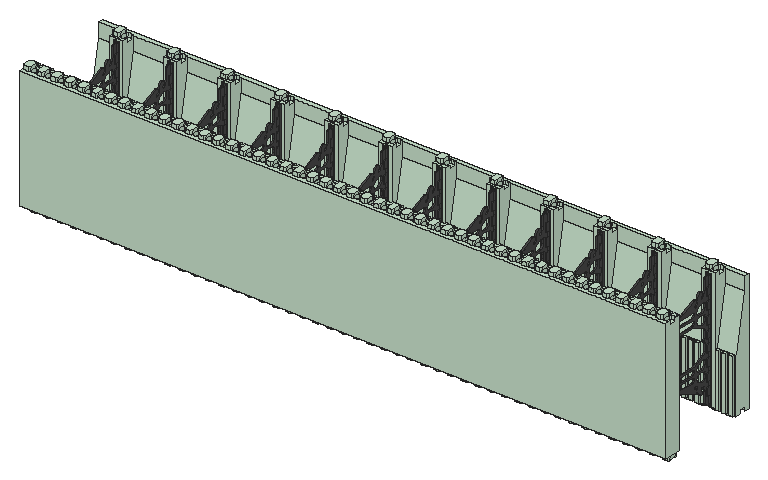
Revit family (continued)
Definition of nested family "10-inch Insert Web"
  Forms (in)
    Extrusion 2, solid, material "High Density Polystyrene"
      sketch origin (0, 0, 0) x (0, 1, 0) y (0, 0, 1)
        loop
          arc (2.8, 12.08365) -> (2.87812, 11.81529) -> (3.08806, 11.63079) r 0.5
        loop
          line (4.5, 13.51627) -> (4.5, 14.04299)
          arc (4.5, 14.04299) -> (4.32627, 14.35941) -> (3.96605, 14.38264) r 0.375
          line (3.96605, 14.38264) -> (3.08806, 13.97174)
          arc (3.08806, 13.97174) -> (2.87812, 13.78724) -> (2.8, 13.51888) r 0.5
          line (2.8, 13.51888) -> (2.8, 13.39127)
          arc (2.8, 13.39127) -> (2.94645, 13.03771) -> (3.3, 12.89127) r 0.5
          line (3.3, 12.89127) -> (3.875, 12.89127)
          arc (3.875, 12.89127) -> (4.31694, 13.07433) -> (4.5, 13.51627) r 0.625
        loop
          line (4.21194, 10.90608) -> (2.95372, 11.49492)
          arc (2.95372, 11.49492) -> (2.48851, 11.65338) -> (2, 11.70705) r 2.25
          line (2, 11.70705) -> (0, 11.70705) -> (-2, 11.70705)
          arc (-2, 11.70705) -> (-2.48851, 11.65338) -> (-2.95372, 11.49492) r 2.25
          line (-2.95372, 11.49492) -> (-4.21194, 10.90608)
          arc (-4.21194, 10.90608) -> (-4.42188, 10.72158) -> (-4.5, 10.45322) r 0.5
          line (-4.5, 10.45322) -> (-4.5, 9.31235) -> (-4.38, 9.11235) -> (-4.38, 9) -> (-4.38, 8.88765) -> (-4.5, 8.68765) -> (-4.5, 7.54678)
          arc (-4.5, 7.54678) -> (-4.42188, 7.27842) -> (-4.21194, 7.09392) r 0.5
          line (-4.21194, 7.09392) -> (-2.95372, 6.50508)
          arc (-2.95372, 6.50508) -> (-2.48851, 6.34662) -> (-2, 6.29295) r 2.25
          line (-2, 6.29295) -> (0, 6.29295) -> (2, 6.29295)
          arc (2, 6.29295) -> (2.48851, 6.34662) -> (2.95372, 6.50508) r 2.25
          line (2.95372, 6.50508) -> (4.21194, 7.09392)
          arc (4.21194, 7.09392) -> (4.42188, 7.27842) -> (4.5, 7.54678) r 0.5
          line (4.5, 7.54678) -> (4.5, 8.68765) -> (4.38, 8.88765) -> (4.38, 9) -> (4.38, 9.11235) -> (4.5, 9.31235) -> (4.5, 10.45322)
          arc (4.5, 10.45322) -> (4.42188, 10.72158) -> (4.21194, 10.90608) r 0.5
        loop
          arc (-3.08806, 11.63079) -> (-2.87812, 11.81529) -> (-2.8, 12.08365) r 0.5
          line (-2.8, 12.08365) -> (-2.8, 12.21127)
          arc (-2.8, 12.21127) -> (-2.94645, 12.56482) -> (-3.3, 12.71127) r 0.5
          line (-3.3, 12.71127) -> (-3.875, 12.71127)
          arc (-3.875, 12.71127) -> (-4.31694, 12.52821) -> (-4.5, 12.08627) r 0.625
          line (-4.5, 12.08627) -> (-4.5, 11.55954)
          arc (-4.5, 11.55954) -> (-4.32627, 11.24313) -> (-3.96605, 11.21989) r 0.375
          line (-3.96605, 11.21989) -> (-3.08806, 11.63079)
        loop
          arc (-4.5, 13.51627) -> (-4.31694, 13.07433) -> (-3.875, 12.89127) r 0.625
          line (-3.875, 12.89127) -> (-3.3, 12.89127)
          arc (-3.3, 12.89127) -> (-2.94645, 13.03771) -> (-2.8, 13.39127) r 0.5
          line (-2.8, 13.39127) -> (-2.8, 13.51888)
          arc (-2.8, 13.51888) -> (-2.87812, 13.78724) -> (-3.08806, 13.97174) r 0.5
          line (-3.08806, 13.97174) -> (-3.96605, 14.38264)
          arc (-3.96605, 14.38264) -> (-4.32627, 14.35941) -> (-4.5, 14.04299) r 0.375
          line (-4.5, 14.04299) -> (-4.5, 13.51627)
        loop
          line (0, 4.29202) -> (2.02401, 4.29202)
          arc (2.02401, 4.29202) -> (2.16288, 4.28773) -> (2.30123, 4.27488) r 2.25
          arc (2.30123, 4.27488) -> (2.48146, 4.41365) -> (2.6, 4.60778) r 0.62421
          line (2.6, 4.60778) -> (2.6, 4.73373)
          arc (2.6, 4.73373) -> (2.45481, 4.96354) -> (2.225, 5.10873) r 0.61747
          line (2.225, 5.10873) -> (0, 5.10873) -> (-2.225, 5.10873)
          arc (-2.225, 5.10873) -> (-2.45481, 4.96354) -> (-2.6, 4.73373) r 0.61747
          line (-2.6, 4.73373) -> (-2.6, 4.60778)
          arc (-2.6, 4.60778) -> (-2.48146, 4.41365) -> (-2.30123, 4.27488) r 0.62421
          arc (-2.30123, 4.27488) -> (-2.16288, 4.28773) -> (-2.02401, 4.29202) r 2.25
          line (-2.02401, 4.29202) -> (0, 4.29202)
        loop
          line (0, 5.28873) -> (2.22579, 5.28873)
          arc (2.22579, 5.28873) -> (2.4551, 5.43394) -> (2.6, 5.66345) r 0.61747
          line (2.6, 5.66345) -> (2.6, 5.78945)
          arc (2.6, 5.78945) -> (2.48148, 5.98355) -> (2.3013, 6.12231) r 0.62421
          arc (2.3013, 6.12231) -> (2.16251, 6.10938) -> (2.02319, 6.10506) r 2.25
          line (2.02319, 6.10506) -> (0, 6.10506) -> (-2.02319, 6.10506)
          arc (-2.02319, 6.10506) -> (-2.16251, 6.10938) -> (-2.3013, 6.12231) r 2.25
          arc (-2.3013, 6.12231) -> (-2.48148, 5.98355) -> (-2.6, 5.78945) r 0.62421
          line (-2.6, 5.78945) -> (-2.6, 5.66345)
          arc (-2.6, 5.66345) -> (-2.4551, 5.43394) -> (-2.22579, 5.28873) r 0.61747
          line (-2.22579, 5.28873) -> (0, 5.28873)
        loop
          arc (3.08806, 6.36921) -> (2.87812, 6.18471) -> (2.8, 5.91635) r 0.5
          line (2.8, 5.91635) -> (2.8, 5.78873)
          arc (2.8, 5.78873) -> (2.94645, 5.43518) -> (3.3, 5.28873) r 0.5
          line (3.3, 5.28873) -> (3.875, 5.28873)
          arc (3.875, 5.28873) -> (4.31694, 5.47179) -> (4.5, 5.91373) r 0.625
          line (4.5, 5.91373) -> (4.5, 6.44046)
          arc (4.5, 6.44046) -> (4.32627, 6.75687) -> (3.96605, 6.78011) r 0.375
          line (3.96605, 6.78011) -> (3.08806, 6.36921)
        loop
          arc (4.5, 4.48373) -> (4.31694, 4.92567) -> (3.875, 5.10873) r 0.625
          line (3.875, 5.10873) -> (3.3, 5.10873)
          arc (3.3, 5.10873) -> (2.94645, 4.96229) -> (2.8, 4.60873) r 0.5
          line (2.8, 4.60873) -> (2.8, 4.48112)
          arc (2.8, 4.48112) -> (2.87812, 4.21276) -> (3.08806, 4.02826) r 0.5
          line (3.08806, 4.02826) -> (3.96605, 3.61736)
          arc (3.96605, 3.61736) -> (4.32627, 3.64059) -> (4.5, 3.95701) r 0.375
          line (4.5, 3.95701) -> (4.5, 4.48373)
        loop
          line (-3.08806, 6.36921) -> (-3.96605, 6.78011)
          arc (-3.96605, 6.78011) -> (-4.32627, 6.75687) -> (-4.5, 6.44046) r 0.375
          line (-4.5, 6.44046) -> (-4.5, 5.91373)
          arc (-4.5, 5.91373) -> (-4.31694, 5.47179) -> (-3.875, 5.28873) r 0.625
          line (-3.875, 5.28873) -> (-3.3, 5.28873)
          arc (-3.3, 5.28873) -> (-2.94645, 5.43518) -> (-2.8, 5.78873) r 0.5
          line (-2.8, 5.78873) -> (-2.8, 5.91635)
          arc (-2.8, 5.91635) -> (-2.87812, 6.18471) -> (-3.08806, 6.36921) r 0.5
        loop
          line (-4.5, 4.48373) -> (-4.5, 3.95701)
          arc (-4.5, 3.95701) -> (-4.32627, 3.64059) -> (-3.96605, 3.61736) r 0.375
          line (-3.96605, 3.61736) -> (-3.08806, 4.02826)
          arc (-3.08806, 4.02826) -> (-2.87812, 4.21276) -> (-2.8, 4.48112) r 0.5
          line (-2.8, 4.48112) -> (-2.8, 4.60873)
          arc (-2.8, 4.60873) -> (-2.94645, 4.96229) -> (-3.3, 5.10873) r 0.5
          line (-3.3, 5.10873) -> (-3.875, 5.10873)
          arc (-3.875, 5.10873) -> (-4.31694, 4.92567) -> (-4.5, 4.48373) r 0.625
      from 0.125 to -0.125
    Extrusion 3, solid, material "High Density Polystyrene"
      sketch origin (0, 0, 0) x (0, 1, 0) y (0, 0, 1)
        loop
          line (5.21, 16.17792) -> (4.71, 16.17792) -> (4.71, 14.97792) -> (5.21, 14.97792) -> (5.21, 16.17792)
        loop
          line (5.21, 14.22792) -> (4.71, 14.22792) -> (4.71, 13.02792) -> (5.21, 13.02792) -> (5.21, 14.22792)
        loop
          line (5.21, 12.27792) -> (4.71, 12.27792) -> (4.71, 11.07792) -> (5.21, 11.07792) -> (5.21, 12.27792)
        loop
          line (5.21, 10.32792) -> (4.71, 10.32792) -> (4.71, 9.24792) -> (5.21, 9.24792) -> (5.21, 10.32792)
        loop
          line (5.21, 8.49792) -> (4.71, 8.49792) -> (4.71, 7.41792) -> (5.21, 7.41792) -> (5.21, 8.49792)
        loop
          line (5.21, 6.66792) -> (4.71, 6.66792) -> (4.71, 5.46792) -> (5.21, 5.46792) -> (5.21, 6.66792)
        loop
          line (5.21, 4.71792) -> (4.71, 4.71792) -> (4.71, 3.51792) -> (5.21, 3.51792) -> (5.21, 4.71792)
        loop
          line (5.21, 2.76792) -> (4.71, 2.76792) -> (4.71, 1.56792) -> (5.21, 1.56792) -> (5.21, 2.76792)
        loop
          line (-5.21, 16.17792) -> (-5.21, 14.97792) -> (-4.71, 14.97792) -> (-4.71, 16.17792) -> (-5.21, 16.17792)
        loop
          line (-5.21, 14.22792) -> (-5.21, 13.02792) -> (-4.71, 13.02792) -> (-4.71, 14.22792) -> (-5.21, 14.22792)
        loop
          line (-5.21, 12.27792) -> (-5.21, 11.07792) -> (-4.71, 11.07792) -> (-4.71, 12.27792) -> (-5.21, 12.27792)
        loop
          line (-5.21, 10.32792) -> (-5.21, 9.24792) -> (-4.71, 9.24792) -> (-4.71, 10.32792) -> (-5.21, 10.32792)
        loop
          line (-5.21, 8.49792) -> (-5.21, 7.41792) -> (-4.71, 7.41792) -> (-4.71, 8.49792) -> (-5.21, 8.49792)
        loop
          line (-5.21, 6.66792) -> (-5.21, 5.46792) -> (-4.71, 5.46792) -> (-4.71, 6.66792) -> (-5.21, 6.66792)
        loop
          line (-5.21, 4.71792) -> (-5.21, 3.51792) -> (-4.71, 3.51792) -> (-4.71, 4.71792) -> (-5.21, 4.71792)
        loop
          line (-5.21, 2.76792) -> (-5.21, 1.56792) -> (-4.71, 1.56792) -> (-4.71, 2.76792) -> (-5.21, 2.76792)
      from 0.25 to -0.25
    Extrusion 4, void
      sketch origin (0, 2, 0) x (1, 0, 0) y (0, 1, 0)
        loop
          line (-0.25, 2.79249) -> (-0.25, 2.71) -> (-0.1675, 2.71)
          arc (-0.1675, 2.71) -> (-0.22584, 2.73416) -> (-0.25, 2.79249) r 0.0825
      from 0 to 18
    Extrusion 5, void
      sketch origin (0, 2, 0) x (-1, 0, 0) y (0, -1, 0)
        loop
          arc (-0.25, -2.79249) -> (-0.22584, -2.73416) -> (-0.1675, -2.71) r 0.0825
          line (-0.1675, -2.71) -> (-0.25, -2.71) -> (-0.25, -2.79249)
      from 0 to 18
    Extrusion 6, void
      sketch origin (0, -2, 0) x (1, 0, 0) y (0, 1, 0)
        loop
          arc (-0.25, -2.79249) -> (-0.22584, -2.73416) -> (-0.1675, -2.71) r 0.0825
          line (-0.1675, -2.71) -> (-0.25, -2.71) -> (-0.25, -2.79249)
      from 0 to 18
    Extrusion 7, void
      sketch origin (0, -2, 0) x (-1, 0, 0) y (0, -1, 0)
        loop
          line (-0.25, 2.79249) -> (-0.25, 2.71) -> (-0.1675, 2.71)
          arc (-0.1675, 2.71) -> (-0.22584, 2.73416) -> (-0.25, 2.79249) r 0.0825
      from 0 to 18
  Cuts and joins
    Extrusion 4, Extrusion 5, Extrusion 6, Extrusion 7 cuts Extrusion 1
    Extrusion 4, Extrusion 5, Extrusion 6, Extrusion 7 cuts Extrusion 3
Definition of nested family "NUDURA Diamond Pattern"
  Reference planes (in)
    plane 1 "Center (Front/Back)": y = 0
    plane 2: z = 0
    plane 3 "Center (Left/Right)": x = 0
    plane 4: z = 18
  Lines and regions (in)
    model lines
      curve 1: line (8, -5.625, 18) -> (8, -5.625, 0)
      curve 2: line (6, -5.625, 18) -> (6, -5.625, 0)
      curve 3: line (2, -5.625, 18) -> (2, -5.625, 0)
      curve 4: line (3.35367, -5.625, 16.98484) -> (3.69709, -5.625, 16.64142)
      curve 5: arc (3.35367, -5.625, 17.51517) -> (3.24384, -5.625, 17.25) -> (3.35367, -5.625, 16.98484) r 0.375
      curve 6: line (3.72867, -5.625, 17.89017) -> (3.35367, -5.625, 17.51517)
      curve 7: arc (4.259, -5.625, 17.89017) -> (3.99384, -5.625, 18) -> (3.72867, -5.625, 17.89017) r 0.375
      curve 8: line (4.634, -5.625, 17.51517) -> (4.259, -5.625, 17.89017)
      curve 9: arc (4.634, -5.625, 16.98484) -> (4.74384, -5.625, 17.25) -> (4.634, -5.625, 17.51517) r 0.375
      curve 10: line (4.29059, -5.625, 16.64142) -> (4.634, -5.625, 16.98484)
      curve 11: arc (4.17062, -5.625, 17.80178) -> (3.99384, -5.625, 17.875) -> (3.81706, -5.625, 17.80178) r 0.25
      curve 12: line (4.54562, -5.625, 17.42678) -> (4.17062, -5.625, 17.80178)
      curve 13: arc (4.54562, -5.625, 17.07322) -> (4.61884, -5.625, 17.25) -> (4.54562, -5.625, 17.42678) r 0.25
      curve 14: line (4.17062, -5.625, 16.69822) -> (4.54562, -5.625, 17.07322)
      curve 15: arc (3.81706, -5.625, 16.69822) -> (3.99384, -5.625, 16.625) -> (4.17062, -5.625, 16.69822) r 0.25
      curve 16: line (3.44206, -5.625, 17.07322) -> (3.81706, -5.625, 16.69822)
      curve 17: arc (3.44206, -5.625, 17.42678) -> (3.36884, -5.625, 17.25) -> (3.44206, -5.625, 17.07322) r 0.25
      curve 18: line (3.81706, -5.625, 17.80178) -> (3.44206, -5.625, 17.42678)
      curve 19: arc (3.69709, -5.625, 16.35858) -> (3.75567, -5.625, 16.5) -> (3.69709, -5.625, 16.64142) r 0.2
      curve 20: line (4.634, -5.625, 16.01517) -> (4.29059, -5.625, 16.35858)
      curve 21: arc (4.634, -5.625, 15.48484) -> (4.74384, -5.625, 15.75) -> (4.634, -5.625, 16.01517) r 0.375
      curve 22: line (4.29059, -5.625, 15.14142) -> (4.634, -5.625, 15.48484)
      curve 23: line (3.35367, -5.625, 15.48484) -> (3.69709, -5.625, 15.14142)
      curve 24: arc (3.35367, -5.625, 16.01517) -> (3.24384, -5.625, 15.75) -> (3.35367, -5.625, 15.48484) r 0.375
      curve 25: line (3.69709, -5.625, 16.35858) -> (3.35367, -5.625, 16.01517)
      curve 26: arc (4.17062, -5.625, 16.30178) -> (3.99384, -5.625, 16.375) -> (3.81706, -5.625, 16.30178) r 0.25
      curve 27: line (3.81706, -5.625, 16.30178) -> (3.44206, -5.625, 15.92678)
      curve 28: arc (3.44206, -5.625, 15.92678) -> (3.36884, -5.625, 15.75) -> (3.44206, -5.625, 15.57322) r 0.25
      curve 29: line (3.44206, -5.625, 15.57322) -> (3.81706, -5.625, 15.19822)
      curve 30: arc (3.81706, -5.625, 15.19822) -> (3.99384, -5.625, 15.125) -> (4.17062, -5.625, 15.19822) r 0.25
      curve 31: line (4.17062, -5.625, 15.19822) -> (4.54562, -5.625, 15.57322)
      curve 32: arc (4.54562, -5.625, 15.57322) -> (4.61884, -5.625, 15.75) -> (4.54562, -5.625, 15.92678) r 0.25
      curve 33: line (4.54562, -5.625, 15.92678) -> (4.17062, -5.625, 16.30178)
      curve 34: arc (3.69709, -5.625, 14.85858) -> (3.75567, -5.625, 15) -> (3.69709, -5.625, 15.14142) r 0.2
      curve 35: line (4.634, -5.625, 14.51517) -> (4.29059, -5.625, 14.85858)
      curve 36: arc (4.634, -5.625, 13.98484) -> (4.74384, -5.625, 14.25) -> (4.634, -5.625, 14.51517) r 0.375
      curve 37: line (4.29059, -5.625, 13.64142) -> (4.634, -5.625, 13.98484)
      curve 38: line (3.35367, -5.625, 13.98484) -> (3.69709, -5.625, 13.64142)
      curve 39: arc (3.35367, -5.625, 14.51517) -> (3.24384, -5.625, 14.25) -> (3.35367, -5.625, 13.98484) r 0.375
      curve 40: line (3.69709, -5.625, 14.85858) -> (3.35367, -5.625, 14.51517)
      curve 41: arc (4.17062, -5.625, 14.80178) -> (3.99384, -5.625, 14.875) -> (3.81706, -5.625, 14.80178) r 0.25
      curve 42: line (3.81706, -5.625, 14.80178) -> (3.44206, -5.625, 14.42678)
      curve 43: arc (3.44206, -5.625, 14.42678) -> (3.36884, -5.625, 14.25) -> (3.44206, -5.625, 14.07322) r 0.25
      curve 44: line (3.44206, -5.625, 14.07322) -> (3.81706, -5.625, 13.69822)
      curve 45: arc (3.81706, -5.625, 13.69822) -> (3.99384, -5.625, 13.625) -> (4.17062, -5.625, 13.69822) r 0.25
      curve 46: line (4.17062, -5.625, 13.69822) -> (4.54562, -5.625, 14.07322)
      curve 47: arc (4.54562, -5.625, 14.07322) -> (4.61884, -5.625, 14.25) -> (4.54562, -5.625, 14.42678) r 0.25
      curve 48: line (4.54562, -5.625, 14.42678) -> (4.17062, -5.625, 14.80178)
      curve 49: arc (3.69709, -5.625, 13.35858) -> (3.75567, -5.625, 13.5) -> (3.69709, -5.625, 13.64142) r 0.2
      curve 50: line (4.634, -5.625, 13.01517) -> (4.29059, -5.625, 13.35858)
      curve 51: arc (4.634, -5.625, 12.48484) -> (4.74384, -5.625, 12.75) -> (4.634, -5.625, 13.01517) r 0.375
      curve 52: line (4.29059, -5.625, 12.14142) -> (4.634, -5.625, 12.48484)
      curve 53: line (3.35367, -5.625, 12.48484) -> (3.69709, -5.625, 12.14142)
      curve 54: arc (3.35367, -5.625, 13.01517) -> (3.24384, -5.625, 12.75) -> (3.35367, -5.625, 12.48484) r 0.375
      curve 55: line (3.69709, -5.625, 13.35858) -> (3.35367, -5.625, 13.01517)
      curve 56: arc (4.17062, -5.625, 13.30178) -> (3.99384, -5.625, 13.375) -> (3.81706, -5.625, 13.30178) r 0.25
      curve 57: line (3.81706, -5.625, 13.30178) -> (3.44206, -5.625, 12.92678)
      curve 58: arc (3.44206, -5.625, 12.92678) -> (3.36884, -5.625, 12.75) -> (3.44206, -5.625, 12.57322) r 0.25
      curve 59: line (3.44206, -5.625, 12.57322) -> (3.81706, -5.625, 12.19822)
      curve 60: arc (3.81706, -5.625, 12.19822) -> (3.99384, -5.625, 12.125) -> (4.17062, -5.625, 12.19822) r 0.25
      curve 61: line (4.17062, -5.625, 12.19822) -> (4.54562, -5.625, 12.57322)
      curve 62: arc (4.54562, -5.625, 12.57322) -> (4.61884, -5.625, 12.75) -> (4.54562, -5.625, 12.92678) r 0.25
      curve 63: line (4.54562, -5.625, 12.92678) -> (4.17062, -5.625, 13.30178)
      curve 64: arc (3.69709, -5.625, 11.85858) -> (3.75567, -5.625, 12) -> (3.69709, -5.625, 12.14142) r 0.2
      curve 65: line (4.634, -5.625, 11.51517) -> (4.29059, -5.625, 11.85858)
      curve 66: arc (4.634, -5.625, 10.98484) -> (4.74384, -5.625, 11.25) -> (4.634, -5.625, 11.51517) r 0.375
      curve 67: line (4.29059, -5.625, 10.64142) -> (4.634, -5.625, 10.98484)
      curve 68: line (3.35367, -5.625, 10.98484) -> (3.69709, -5.625, 10.64142)
      curve 69: arc (3.35367, -5.625, 11.51517) -> (3.24384, -5.625, 11.25) -> (3.35367, -5.625, 10.98484) r 0.375
      curve 70: line (3.69709, -5.625, 11.85858) -> (3.35367, -5.625, 11.51517)
      curve 71: arc (4.17062, -5.625, 11.80178) -> (3.99384, -5.625, 11.875) -> (3.81706, -5.625, 11.80178) r 0.25
      curve 72: line (3.81706, -5.625, 11.80178) -> (3.44206, -5.625, 11.42678)
      curve 73: arc (3.44206, -5.625, 11.42678) -> (3.36884, -5.625, 11.25) -> (3.44206, -5.625, 11.07322) r 0.25
      curve 74: line (3.44206, -5.625, 11.07322) -> (3.81706, -5.625, 10.69822)
      curve 75: arc (3.81706, -5.625, 10.69822) -> (3.99384, -5.625, 10.625) -> (4.17062, -5.625, 10.69822) r 0.25
      curve 76: line (4.17062, -5.625, 10.69822) -> (4.54562, -5.625, 11.07322)
      curve 77: arc (4.54562, -5.625, 11.07322) -> (4.61884, -5.625, 11.25) -> (4.54562, -5.625, 11.42678) r 0.25
      curve 78: line (4.54562, -5.625, 11.42678) -> (4.17062, -5.625, 11.80178)
      curve 79: arc (3.69709, -5.625, 10.35858) -> (3.75567, -5.625, 10.5) -> (3.69709, -5.625, 10.64142) r 0.2
      curve 80: line (4.634, -5.625, 10.01517) -> (4.29059, -5.625, 10.35858)
      curve 81: arc (4.634, -5.625, 9.48484) -> (4.74384, -5.625, 9.75) -> (4.634, -5.625, 10.01517) r 0.375
      curve 82: line (4.29059, -5.625, 9.14142) -> (4.634, -5.625, 9.48484)
      curve 83: line (3.35367, -5.625, 9.48484) -> (3.69709, -5.625, 9.14142)
      curve 84: arc (3.35367, -5.625, 10.01517) -> (3.24384, -5.625, 9.75) -> (3.35367, -5.625, 9.48484) r 0.375
      curve 85: line (3.69709, -5.625, 10.35858) -> (3.35367, -5.625, 10.01517)
      curve 86: arc (4.17062, -5.625, 10.30178) -> (3.99384, -5.625, 10.375) -> (3.81706, -5.625, 10.30178) r 0.25
      curve 87: line (3.81706, -5.625, 10.30178) -> (3.44206, -5.625, 9.92678)
      curve 88: arc (3.44206, -5.625, 9.92678) -> (3.36884, -5.625, 9.75) -> (3.44206, -5.625, 9.57322) r 0.25
      curve 89: line (3.44206, -5.625, 9.57322) -> (3.81706, -5.625, 9.19822)
      curve 90: arc (3.81706, -5.625, 9.19822) -> (3.99384, -5.625, 9.125) -> (4.17062, -5.625, 9.19822) r 0.25
      curve 91: line (4.17062, -5.625, 9.19822) -> (4.54562, -5.625, 9.57322)
      curve 92: arc (4.54562, -5.625, 9.57322) -> (4.61884, -5.625, 9.75) -> (4.54562, -5.625, 9.92678) r 0.25
      curve 93: line (4.54562, -5.625, 9.92678) -> (4.17062, -5.625, 10.30178)
      curve 94: arc (3.69709, -5.625, 8.85858) -> (3.75567, -5.625, 9) -> (3.69709, -5.625, 9.14142) r 0.2
      curve 95: line (4.634, -5.625, 8.51517) -> (4.29059, -5.625, 8.85858)
      curve 96: arc (4.634, -5.625, 7.98484) -> (4.74384, -5.625, 8.25) -> (4.634, -5.625, 8.51517) r 0.375
      curve 97: line (4.29059, -5.625, 7.64142) -> (4.634, -5.625, 7.98484)
      curve 98: line (3.35367, -5.625, 7.98484) -> (3.69709, -5.625, 7.64142)
      curve 99: arc (3.35367, -5.625, 8.51517) -> (3.24384, -5.625, 8.25) -> (3.35367, -5.625, 7.98484) r 0.375
      curve 100: line (3.69709, -5.625, 8.85858) -> (3.35367, -5.625, 8.51517)
      curve 101: arc (4.17062, -5.625, 8.80178) -> (3.99384, -5.625, 8.875) -> (3.81706, -5.625, 8.80178) r 0.25
      curve 102: line (3.81706, -5.625, 8.80178) -> (3.44206, -5.625, 8.42678)
      curve 103: arc (3.44206, -5.625, 8.42678) -> (3.36884, -5.625, 8.25) -> (3.44206, -5.625, 8.07322) r 0.25
      curve 104: line (3.44206, -5.625, 8.07322) -> (3.81706, -5.625, 7.69822)
      curve 105: arc (3.81706, -5.625, 7.69822) -> (3.99384, -5.625, 7.625) -> (4.17062, -5.625, 7.69822) r 0.25
      curve 106: line (4.17062, -5.625, 7.69822) -> (4.54562, -5.625, 8.07322)
      curve 107: arc (4.54562, -5.625, 8.07322) -> (4.61884, -5.625, 8.25) -> (4.54562, -5.625, 8.42678) r 0.25
      curve 108: line (4.54562, -5.625, 8.42678) -> (4.17062, -5.625, 8.80178)
      curve 109: arc (3.69709, -5.625, 7.35858) -> (3.75567, -5.625, 7.5) -> (3.69709, -5.625, 7.64142) r 0.2
      curve 110: line (4.634, -5.625, 7.01517) -> (4.29059, -5.625, 7.35858)
      curve 111: arc (4.634, -5.625, 6.48484) -> (4.74384, -5.625, 6.75) -> (4.634, -5.625, 7.01517) r 0.375
      curve 112: line (4.29059, -5.625, 6.14142) -> (4.634, -5.625, 6.48484)
      curve 113: line (3.35367, -5.625, 6.48484) -> (3.69709, -5.625, 6.14142)
      curve 114: arc (3.35367, -5.625, 7.01517) -> (3.24384, -5.625, 6.75) -> (3.35367, -5.625, 6.48484) r 0.375
      curve 115: line (3.69709, -5.625, 7.35858) -> (3.35367, -5.625, 7.01517)
      curve 116: arc (4.17062, -5.625, 7.30178) -> (3.99384, -5.625, 7.375) -> (3.81706, -5.625, 7.30178) r 0.25
      curve 117: line (3.81706, -5.625, 7.30178) -> (3.44206, -5.625, 6.92678)
      curve 118: arc (3.44206, -5.625, 6.92678) -> (3.36884, -5.625, 6.75) -> (3.44206, -5.625, 6.57322) r 0.25
      curve 119: line (3.44206, -5.625, 6.57322) -> (3.81706, -5.625, 6.19822)
      curve 120: arc (3.81706, -5.625, 6.19822) -> (3.99384, -5.625, 6.125) -> (4.17062, -5.625, 6.19822) r 0.25
      curve 121: line (4.17062, -5.625, 6.19822) -> (4.54562, -5.625, 6.57322)
      curve 122: arc (4.54562, -5.625, 6.57322) -> (4.61884, -5.625, 6.75) -> (4.54562, -5.625, 6.92678) r 0.25
      curve 123: line (4.54562, -5.625, 6.92678) -> (4.17062, -5.625, 7.30178)
      curve 124: arc (3.69709, -5.625, 5.85858) -> (3.75567, -5.625, 6) -> (3.69709, -5.625, 6.14142) r 0.2
      curve 125: line (4.634, -5.625, 5.51517) -> (4.29059, -5.625, 5.85858)
      curve 126: arc (4.634, -5.625, 4.98484) -> (4.74384, -5.625, 5.25) -> (4.634, -5.625, 5.51517) r 0.375
      curve 127: line (4.29059, -5.625, 4.64142) -> (4.634, -5.625, 4.98484)
      curve 128: line (3.35367, -5.625, 4.98484) -> (3.69709, -5.625, 4.64142)
      curve 129: arc (3.35367, -5.625, 5.51517) -> (3.24384, -5.625, 5.25) -> (3.35367, -5.625, 4.98484) r 0.375
      curve 130: line (3.69709, -5.625, 5.85858) -> (3.35367, -5.625, 5.51517)
      curve 131: arc (4.17062, -5.625, 5.80178) -> (3.99384, -5.625, 5.875) -> (3.81706, -5.625, 5.80178) r 0.25
      curve 132: line (3.81706, -5.625, 5.80178) -> (3.44206, -5.625, 5.42678)
      curve 133: arc (3.44206, -5.625, 5.42678) -> (3.36884, -5.625, 5.25) -> (3.44206, -5.625, 5.07322) r 0.25
      curve 134: line (3.44206, -5.625, 5.07322) -> (3.81706, -5.625, 4.69822)
      curve 135: arc (3.81706, -5.625, 4.69822) -> (3.99384, -5.625, 4.625) -> (4.17062, -5.625, 4.69822) r 0.25
      curve 136: line (4.17062, -5.625, 4.69822) -> (4.54562, -5.625, 5.07322)
      curve 137: arc (4.54562, -5.625, 5.07322) -> (4.61884, -5.625, 5.25) -> (4.54562, -5.625, 5.42678) r 0.25
      curve 138: line (4.54562, -5.625, 5.42678) -> (4.17062, -5.625, 5.80178)
      curve 139: arc (3.69709, -5.625, 4.35858) -> (3.75567, -5.625, 4.5) -> (3.69709, -5.625, 4.64142) r 0.2
      curve 140: line (4.634, -5.625, 4.01517) -> (4.29059, -5.625, 4.35858)
      curve 141: arc (4.634, -5.625, 3.48484) -> (4.74384, -5.625, 3.75) -> (4.634, -5.625, 4.01517) r 0.375
      curve 142: line (4.29059, -5.625, 3.14142) -> (4.634, -5.625, 3.48484)
      curve 143: line (3.35367, -5.625, 3.48484) -> (3.69709, -5.625, 3.14142)
      curve 144: arc (3.35367, -5.625, 4.01517) -> (3.24384, -5.625, 3.75) -> (3.35367, -5.625, 3.48484) r 0.375
      curve 145: line (3.69709, -5.625, 4.35858) -> (3.35367, -5.625, 4.01517)
      curve 146: arc (4.17062, -5.625, 4.30178) -> (3.99384, -5.625, 4.375) -> (3.81706, -5.625, 4.30178) r 0.25
      curve 147: line (3.81706, -5.625, 4.30178) -> (3.44206, -5.625, 3.92678)
      curve 148: arc (3.44206, -5.625, 3.92678) -> (3.36884, -5.625, 3.75) -> (3.44206, -5.625, 3.57322) r 0.25
      curve 149: line (3.44206, -5.625, 3.57322) -> (3.81706, -5.625, 3.19822)
      curve 150: arc (3.81706, -5.625, 3.19822) -> (3.99384, -5.625, 3.125) -> (4.17062, -5.625, 3.19822) r 0.25
      curve 151: line (4.17062, -5.625, 3.19822) -> (4.54562, -5.625, 3.57322)
      curve 152: arc (4.54562, -5.625, 3.57322) -> (4.61884, -5.625, 3.75) -> (4.54562, -5.625, 3.92678) r 0.25
      curve 153: line (4.54562, -5.625, 3.92678) -> (4.17062, -5.625, 4.30178)
      curve 154: arc (3.69709, -5.625, 2.85858) -> (3.75567, -5.625, 3) -> (3.69709, -5.625, 3.14142) r 0.2
      curve 155: line (4.634, -5.625, 2.51517) -> (4.29059, -5.625, 2.85858)
      curve 156: arc (4.634, -5.625, 1.98484) -> (4.74384, -5.625, 2.25) -> (4.634, -5.625, 2.51517) r 0.375
      curve 157: line (4.29059, -5.625, 1.64142) -> (4.634, -5.625, 1.98484)
      curve 158: line (3.35367, -5.625, 1.98484) -> (3.69709, -5.625, 1.64142)
      curve 159: arc (3.35367, -5.625, 2.51517) -> (3.24384, -5.625, 2.25) -> (3.35367, -5.625, 1.98484) r 0.375
      curve 160: line (3.69709, -5.625, 2.85858) -> (3.35367, -5.625, 2.51517)
      curve 161: arc (4.17062, -5.625, 2.80178) -> (3.99384, -5.625, 2.875) -> (3.81706, -5.625, 2.80178) r 0.25
      curve 162: line (3.81706, -5.625, 2.80178) -> (3.44206, -5.625, 2.42678)
      curve 163: arc (3.44206, -5.625, 2.42678) -> (3.36884, -5.625, 2.25) -> (3.44206, -5.625, 2.07322) r 0.25
      curve 164: line (3.44206, -5.625, 2.07322) -> (3.81706, -5.625, 1.69822)
      curve 165: arc (3.81706, -5.625, 1.69822) -> (3.99384, -5.625, 1.625) -> (4.17062, -5.625, 1.69822) r 0.25
      curve 166: line (4.17062, -5.625, 1.69822) -> (4.54562, -5.625, 2.07322)
      curve 167: arc (4.54562, -5.625, 2.07322) -> (4.61884, -5.625, 2.25) -> (4.54562, -5.625, 2.42678) r 0.25
      curve 168: line (4.54562, -5.625, 2.42678) -> (4.17062, -5.625, 2.80178)
      curve 169: arc (3.69709, -5.625, 1.35858) -> (3.75567, -5.625, 1.5) -> (3.69709, -5.625, 1.64142) r 0.2
      curve 170: line (3.69709, -5.625, 1.35858) -> (3.35367, -5.625, 1.01517)
      curve 171: arc (3.35367, -5.625, 1.01517) -> (3.24384, -5.625, 0.75) -> (3.35367, -5.625, 0.48484) r 0.375
      curve 172: line (3.35367, -5.625, 0.48484) -> (3.72867, -5.625, 0.10984)
      curve 173: arc (3.72867, -5.625, 0.10984) -> (3.99384, -5.625, 0) -> (4.259, -5.625, 0.10984) r 0.375
      curve 174: line (4.259, -5.625, 0.10984) -> (4.634, -5.625, 0.48484)
      curve 175: arc (4.634, -5.625, 0.48484) -> (4.74384, -5.625, 0.75) -> (4.634, -5.625, 1.01517) r 0.375
      curve 176: line (4.634, -5.625, 1.01517) -> (4.29059, -5.625, 1.35858)
      curve 177: arc (4.29059, -5.625, 1.64142) -> (4.23201, -5.625, 1.5) -> (4.29059, -5.625, 1.35858) r 0.2
      curve 178: arc (4.17062, -5.625, 1.30178) -> (3.99384, -5.625, 1.375) -> (3.81706, -5.625, 1.30178) r 0.25
      curve 179: line (4.54562, -5.625, 0.92678) -> (4.17062, -5.625, 1.30178)
      curve 180: arc (4.54562, -5.625, 0.57322) -> (4.61884, -5.625, 0.75) -> (4.54562, -5.625, 0.92678) r 0.25
      curve 181: line (4.17062, -5.625, 0.19822) -> (4.54562, -5.625, 0.57322)
      curve 182: arc (3.81706, -5.625, 0.19822) -> (3.99384, -5.625, 0.125) -> (4.17062, -5.625, 0.19822) r 0.25
      curve 183: line (3.44206, -5.625, 0.57322) -> (3.81706, -5.625, 0.19822)
      curve 184: arc (3.44206, -5.625, 0.92678) -> (3.36884, -5.625, 0.75) -> (3.44206, -5.625, 0.57322) r 0.25
      curve 185: line (3.81706, -5.625, 1.30178) -> (3.44206, -5.625, 0.92678)
      curve 186: arc (4.29059, -5.625, 3.14142) -> (4.23201, -5.625, 3) -> (4.29059, -5.625, 2.85858) r 0.2
      curve 187: arc (4.29059, -5.625, 4.64142) -> (4.23201, -5.625, 4.5) -> (4.29059, -5.625, 4.35858) r 0.2
      curve 188: arc (4.29059, -5.625, 6.14142) -> (4.23201, -5.625, 6) -> (4.29059, -5.625, 5.85858) r 0.2
      curve 189: arc (4.29059, -5.625, 7.64142) -> (4.23201, -5.625, 7.5) -> (4.29059, -5.625, 7.35858) r 0.2
      curve 190: arc (4.29059, -5.625, 9.14142) -> (4.23201, -5.625, 9) -> (4.29059, -5.625, 8.85858) r 0.2
      curve 191: arc (4.29059, -5.625, 10.64142) -> (4.23201, -5.625, 10.5) -> (4.29059, -5.625, 10.35858) r 0.2
      curve 192: arc (4.29059, -5.625, 12.14142) -> (4.23201, -5.625, 12) -> (4.29059, -5.625, 11.85858) r 0.2
      curve 193: arc (4.29059, -5.625, 13.64142) -> (4.23201, -5.625, 13.5) -> (4.29059, -5.625, 13.35858) r 0.2
      curve 194: arc (4.29059, -5.625, 15.14142) -> (4.23201, -5.625, 15) -> (4.29059, -5.625, 14.85858) r 0.2
      curve 195: arc (4.29059, -5.625, 16.64142) -> (4.23201, -5.625, 16.5) -> (4.29059, -5.625, 16.35858) r 0.2
Definition of nested family "NUDURA Logo Diamond"
  Reference planes (in)
    plane 1 "Center (Front/Back)": y = 0
    plane 2: z = 0
    plane 3 "Center (Left/Right)": x = 0
  Lines and regions (in)
    model lines
      curve 1: line (12.59848, 0, 17.50104) -> (12.24492, 0, 17.85459)
      curve 2: line (12.36113, 0, 16.76872) -> (12.59848, 0, 17.00607)
      curve 3: line (12.59848, 0, 16.00104) -> (12.36113, 0, 16.23839)
      curve 4: line (12.36113, 0, 15.26872) -> (12.59848, 0, 15.50607)
      curve 5: line (12.59848, 0, 14.50104) -> (12.36113, 0, 14.73839)
      curve 6: line (12.36113, 0, 13.76872) -> (12.59848, 0, 14.00607)
      curve 7: line (12.17421, 0, 13.28388) -> (12.71208, 0, 12.74602)
      curve 8: line (12.71208, 0, 12.74602) -> (12.78279, 0, 12.81673)
      curve 9: line (11.28279, 0, 12.74602) -> (11.82066, 0, 13.28388)
      curve 10: line (11.63374, 0, 13.23839) -> (11.21208, 0, 12.81673)
      curve 11: line (11.3964, 0, 14.00607) -> (11.63374, 0, 13.76872)
      curve 12: line (11.63374, 0, 14.73839) -> (11.3964, 0, 14.50104)
      curve 13: line (11.3964, 0, 15.50607) -> (11.63374, 0, 15.26872)
      curve 14: line (11.63374, 0, 16.23839) -> (11.3964, 0, 16.00104)
      curve 15: line (11.3964, 0, 17.00607) -> (11.63374, 0, 16.76872)
      curve 16: line (11.74995, 0, 17.85459) -> (11.3964, 0, 17.50104)
      curve 17: line (11.82066, 0, 17.78388) -> (11.46711, 0, 17.43033)
      curve 18: line (12.52777, 0, 17.43033) -> (12.17421, 0, 17.78388)
      curve 19: line (12.17421, 0, 16.72322) -> (12.52777, 0, 17.07678)
      curve 20: line (11.46711, 0, 17.07678) -> (11.82066, 0, 16.72322)
      curve 21: arc (11.3964, 0, 17.50104) -> (11.29388, 0, 17.25355) -> (11.3964, 0, 17.00607) r 0.35
      curve 22: arc (11.74995, 0, 17.85459) -> (11.99744, 0, 17.95711) -> (12.24492, 0, 17.85459) r 0.35
      curve 23: arc (11.46711, 0, 17.43033) -> (11.39388, 0, 17.25355) -> (11.46711, 0, 17.07678) r 0.25
      curve 24: arc (12.52777, 0, 17.43033) -> (12.60099, 0, 17.25355) -> (12.52777, 0, 17.07678) r 0.25
      curve 25: arc (12.17421, 0, 16.72322) -> (11.99744, 0, 16.65) -> (11.82066, 0, 16.72322) r 0.25
      curve 26: arc (11.82066, 0, 17.78388) -> (11.99744, 0, 17.85711) -> (12.17421, 0, 17.78388) r 0.25
      curve 27: arc (12.59848, 0, 17.50104) -> (12.70099, 0, 17.25355) -> (12.59848, 0, 17.00607) r 0.35
      curve 28: arc (11.63374, 0, 16.76872) -> (11.74358, 0, 16.50355) -> (11.63374, 0, 16.23839) r 0.375
      curve 29: arc (12.36113, 0, 16.76872) -> (12.2513, 0, 16.50355) -> (12.36113, 0, 16.23839) r 0.375
      curve 30: line (12.36113, 0, 15.26872) -> (12.59848, 0, 15.50607)
      curve 31: line (11.3964, 0, 15.50607) -> (11.63374, 0, 15.26872)
      curve 32: line (11.82066, 0, 16.28388) -> (11.46711, 0, 15.93033)
      curve 33: line (12.52777, 0, 15.93033) -> (12.17421, 0, 16.28388)
      curve 34: line (12.17421, 0, 15.22322) -> (12.52777, 0, 15.57678)
      curve 35: line (11.46711, 0, 15.57678) -> (11.82066, 0, 15.22322)
      curve 36: arc (11.3964, 0, 16.00104) -> (11.29388, 0, 15.75355) -> (11.3964, 0, 15.50607) r 0.35
      curve 37: arc (11.46711, 0, 15.93033) -> (11.39388, 0, 15.75355) -> (11.46711, 0, 15.57678) r 0.25
      curve 38: arc (12.52777, 0, 15.93033) -> (12.60099, 0, 15.75355) -> (12.52777, 0, 15.57678) r 0.25
      curve 39: arc (12.17421, 0, 15.22322) -> (11.99744, 0, 15.15) -> (11.82066, 0, 15.22322) r 0.25
      curve 40: arc (11.82066, 0, 16.28388) -> (11.99744, 0, 16.35711) -> (12.17421, 0, 16.28388) r 0.25
      curve 41: arc (12.59848, 0, 16.00104) -> (12.70099, 0, 15.75355) -> (12.59848, 0, 15.50607) r 0.35
      curve 42: line (11.63374, 0, 16.23839) -> (11.3964, 0, 16.00104)
      curve 43: line (12.59848, 0, 16.00104) -> (12.36113, 0, 16.23839)
      curve 44: arc (11.63374, 0, 15.26872) -> (11.74358, 0, 15.00355) -> (11.63374, 0, 14.73839) r 0.375
      curve 45: arc (12.36113, 0, 15.26872) -> (12.2513, 0, 15.00355) -> (12.36113, 0, 14.73839) r 0.375
      curve 46: line (12.36113, 0, 13.76872) -> (12.59848, 0, 14.00607)
      curve 47: line (11.3964, 0, 14.00607) -> (11.63374, 0, 13.76872)
      curve 48: line (11.82066, 0, 14.78388) -> (11.46711, 0, 14.43033)
      curve 49: line (12.52777, 0, 14.43033) -> (12.17421, 0, 14.78388)
      curve 50: line (12.17421, 0, 13.72322) -> (12.52777, 0, 14.07678)
      curve 51: line (11.46711, 0, 14.07678) -> (11.82066, 0, 13.72322)
      curve 52: arc (11.3964, 0, 14.50104) -> (11.29388, 0, 14.25355) -> (11.3964, 0, 14.00607) r 0.35
      curve 53: arc (11.46711, 0, 14.43033) -> (11.39388, 0, 14.25355) -> (11.46711, 0, 14.07678) r 0.25
      curve 54: arc (12.52777, 0, 14.43033) -> (12.60099, 0, 14.25355) -> (12.52777, 0, 14.07678) r 0.25
      curve 55: arc (12.17421, 0, 13.72322) -> (11.99744, 0, 13.65) -> (11.82066, 0, 13.72322) r 0.25
      curve 56: arc (11.82066, 0, 14.78388) -> (11.99744, 0, 14.85711) -> (12.17421, 0, 14.78388) r 0.25
      curve 57: arc (12.59848, 0, 14.50104) -> (12.70099, 0, 14.25355) -> (12.59848, 0, 14.00607) r 0.35
      curve 58: line (11.63374, 0, 14.73839) -> (11.3964, 0, 14.50104)
      curve 59: arc (11.63374, 0, 13.76872) -> (11.74358, 0, 13.50355) -> (11.63374, 0, 13.23839) r 0.375
      curve 60: arc (12.36113, 0, 13.76872) -> (12.2513, 0, 13.50355) -> (12.36113, 0, 13.23839) r 0.375
      curve 61: line (12.78279, 0, 12.81673) -> (12.36113, 0, 13.23839)
      curve 62: line (11.21208, 0, 12.81673) -> (11.28279, 0, 12.74602)
      curve 63: arc (11.82066, 0, 13.28388) -> (11.99744, 0, 13.35711) -> (12.17421, 0, 13.28388) r 0.25
      curve 64: line (12.59848, 0, 0.50607) -> (12.24492, 0, 0.15251)
      curve 65: line (12.36113, 0, 1.23839) -> (12.59848, 0, 1.00104)
      curve 66: line (12.59848, 0, 2.00607) -> (12.36113, 0, 1.76872)
      curve 67: line (12.36113, 0, 2.73839) -> (12.59848, 0, 2.50104)
      curve 68: line (12.59848, 0, 3.50607) -> (12.36113, 0, 3.26872)
      curve 69: line (12.36113, 0, 4.23839) -> (12.59848, 0, 4.00104)
      curve 70: line (12.17421, 0, 4.72322) -> (12.71208, 0, 5.26109)
      curve 71: line (12.71208, 0, 5.26109) -> (12.78279, 0, 5.19038)
      curve 72: line (11.28279, 0, 5.26109) -> (11.82066, 0, 4.72322)
      curve 73: line (11.63374, 0, 4.76872) -> (11.21208, 0, 5.19038)
      curve 74: line (11.3964, 0, 4.00104) -> (11.63374, 0, 4.23839)
      curve 75: line (11.63374, 0, 3.26872) -> (11.3964, 0, 3.50607)
      curve 76: line (11.3964, 0, 2.50104) -> (11.63374, 0, 2.73839)
      curve 77: line (11.63374, 0, 1.76872) -> (11.3964, 0, 2.00607)
      curve 78: line (11.3964, 0, 1.00104) -> (11.63374, 0, 1.23839)
      curve 79: line (11.74995, 0, 0.15251) -> (11.3964, 0, 0.50607)
      curve 80: line (11.82066, 0, 0.22322) -> (11.46711, 0, 0.57678)
      curve 81: line (12.52777, 0, 0.57678) -> (12.17421, 0, 0.22322)
      curve 82: line (12.17421, 0, 1.28388) -> (12.52777, 0, 0.93033)
      curve 83: line (11.46711, 0, 0.93033) -> (11.82066, 0, 1.28388)
      curve 84: arc (11.3964, 0, 0.50607) -> (11.29388, 0, 0.75355) -> (11.3964, 0, 1.00104) r 0.35
      curve 85: arc (11.74995, 0, 0.15251) -> (11.99744, 0, 0.05) -> (12.24492, 0, 0.15251) r 0.35
      curve 86: arc (11.46711, 0, 0.57678) -> (11.39388, 0, 0.75355) -> (11.46711, 0, 0.93033) r 0.25
      curve 87: arc (12.52777, 0, 0.57678) -> (12.60099, 0, 0.75355) -> (12.52777, 0, 0.93033) r 0.25
      curve 88: arc (12.17421, 0, 1.28388) -> (11.99744, 0, 1.35711) -> (11.82066, 0, 1.28388) r 0.25
      curve 89: arc (11.82066, 0, 0.22322) -> (11.99744, 0, 0.15) -> (12.17421, 0, 0.22322) r 0.25
      curve 90: arc (12.59848, 0, 0.50607) -> (12.70099, 0, 0.75355) -> (12.59848, 0, 1.00104) r 0.35
      curve 91: arc (11.63374, 0, 1.23839) -> (11.74358, 0, 1.50355) -> (11.63374, 0, 1.76872) r 0.375
      curve 92: arc (12.36113, 0, 1.23839) -> (12.2513, 0, 1.50355) -> (12.36113, 0, 1.76872) r 0.375
      curve 93: line (12.36113, 0, 2.73839) -> (12.59848, 0, 2.50104)
      curve 94: line (11.3964, 0, 2.50104) -> (11.63374, 0, 2.73839)
      curve 95: line (11.82066, 0, 1.72322) -> (11.46711, 0, 2.07678)
      curve 96: line (12.52777, 0, 2.07678) -> (12.17421, 0, 1.72322)
      curve 97: line (12.17421, 0, 2.78388) -> (12.52777, 0, 2.43033)
      curve 98: line (11.46711, 0, 2.43033) -> (11.82066, 0, 2.78388)
      curve 99: arc (11.3964, 0, 2.00607) -> (11.29388, 0, 2.25355) -> (11.3964, 0, 2.50104) r 0.35
      curve 100: arc (11.46711, 0, 2.07678) -> (11.39388, 0, 2.25355) -> (11.46711, 0, 2.43033) r 0.25
      curve 101: arc (12.52777, 0, 2.07678) -> (12.60099, 0, 2.25355) -> (12.52777, 0, 2.43033) r 0.25
      curve 102: arc (12.17421, 0, 2.78388) -> (11.99744, 0, 2.85711) -> (11.82066, 0, 2.78388) r 0.25
      curve 103: arc (11.82066, 0, 1.72322) -> (11.99744, 0, 1.65) -> (12.17421, 0, 1.72322) r 0.25
      curve 104: arc (12.59848, 0, 2.00607) -> (12.70099, 0, 2.25355) -> (12.59848, 0, 2.50104) r 0.35
      curve 105: line (11.63374, 0, 1.76872) -> (11.3964, 0, 2.00607)
      curve 106: line (12.59848, 0, 2.00607) -> (12.36113, 0, 1.76872)
      curve 107: arc (11.63374, 0, 2.73839) -> (11.74358, 0, 3.00355) -> (11.63374, 0, 3.26872) r 0.375
      curve 108: arc (12.36113, 0, 2.73839) -> (12.2513, 0, 3.00355) -> (12.36113, 0, 3.26872) r 0.375
      curve 109: line (12.36113, 0, 4.23839) -> (12.59848, 0, 4.00104)
      curve 110: line (11.3964, 0, 4.00104) -> (11.63374, 0, 4.23839)
      curve 111: line (11.82066, 0, 3.22322) -> (11.46711, 0, 3.57678)
      curve 112: line (12.52777, 0, 3.57678) -> (12.17421, 0, 3.22322)
      curve 113: line (12.17421, 0, 4.28388) -> (12.52777, 0, 3.93033)
      curve 114: line (11.46711, 0, 3.93033) -> (11.82066, 0, 4.28388)
      curve 115: arc (11.3964, 0, 3.50607) -> (11.29388, 0, 3.75355) -> (11.3964, 0, 4.00104) r 0.35
      curve 116: arc (11.46711, 0, 3.57678) -> (11.39388, 0, 3.75355) -> (11.46711, 0, 3.93033) r 0.25
      curve 117: arc (12.52777, 0, 3.57678) -> (12.60099, 0, 3.75355) -> (12.52777, 0, 3.93033) r 0.25
      curve 118: arc (12.17421, 0, 4.28388) -> (11.99744, 0, 4.35711) -> (11.82066, 0, 4.28388) r 0.25
      curve 119: arc (11.82066, 0, 3.22322) -> (11.99744, 0, 3.15) -> (12.17421, 0, 3.22322) r 0.25
      curve 120: arc (12.59848, 0, 3.50607) -> (12.70099, 0, 3.75355) -> (12.59848, 0, 4.00104) r 0.35
      curve 121: line (11.63374, 0, 3.26872) -> (11.3964, 0, 3.50607)
      curve 122: arc (11.63374, 0, 4.23839) -> (11.74358, 0, 4.50355) -> (11.63374, 0, 4.76872) r 0.375
      curve 123: arc (12.36113, 0, 4.23839) -> (12.2513, 0, 4.50355) -> (12.36113, 0, 4.76872) r 0.375
      curve 124: line (12.78279, 0, 5.19038) -> (12.36113, 0, 4.76872)
      curve 125: line (11.21208, 0, 5.19038) -> (11.28279, 0, 5.26109)
      curve 126: arc (11.82066, 0, 4.72322) -> (11.99744, 0, 4.65) -> (12.17421, 0, 4.72322) r 0.25
      curve 127: line (12.37244, 0, 12.50355) -> (11.62244, 0, 12.50355)
      curve 128: line (12.74744, 0, 5.87855) -> (12.74744, 0, 12.12855)
      curve 129: line (11.24744, 0, 12.12855) -> (11.24744, 0, 5.87855)
      curve 130: line (11.62244, 0, 5.50355) -> (12.37244, 0, 5.50355)
      curve 131: line (12.47232, 0, 12.00355) -> (12.0393, 0, 12.25355)
      curve 132: line (12.47232, 0, 11.50355) -> (12.47232, 0, 12.00355)
      curve 133: line (12.25581, 0, 11.37855) -> (12.47232, 0, 11.50355)
      curve 134: line (12.02256, 0, 11.51322) -> (12.25581, 0, 11.37855)
      curve 135: line (12.22232, 0, 11.62855) -> (12.02256, 0, 11.51322)
      curve 136: line (11.80605, 0, 12.11888) -> (12.22232, 0, 11.87855)
      curve 137: line (12.22232, 0, 11.87855) -> (12.22232, 0, 11.62855)
      curve 138: line (12.0393, 0, 12.25355) -> (11.80605, 0, 12.11888)
      curve 139: line (11.77256, 0, 11.63822) -> (11.97232, 0, 11.75355)
      curve 140: line (11.97232, 0, 11.75355) -> (11.73906, 0, 11.88822)
      curve 141: line (11.73906, 0, 11.88822) -> (11.52256, 0, 11.76322)
      curve 142: line (11.52256, 0, 11.76322) -> (11.52256, 0, 11.26322)
      curve 143: line (11.77256, 0, 11.38822) -> (11.77256, 0, 11.63822)
      curve 144: line (12.18882, 0, 11.14789) -> (11.77256, 0, 11.38822)
      curve 145: line (11.95557, 0, 11.01322) -> (12.18882, 0, 11.14789)
      curve 146: line (11.52256, 0, 11.26322) -> (11.95557, 0, 11.01322)
      curve 147: line (12.31108, 0, 10.60411) -> (11.68379, 0, 10.74458)
      curve 148: line (11.68379, 0, 10.74458) -> (11.68379, 0, 10.51321)
      curve 149: line (11.68379, 0, 10.51321) -> (12.1295, 0, 10.41405)
      curve 150: line (12.1295, 0, 10.41405) -> (11.68379, 0, 10.27358)
      curve 151: line (11.68379, 0, 10.27358) -> (11.68379, 0, 9.8852)
      curve 152: line (11.68379, 0, 9.8852) -> (12.17077, 0, 9.77615)
      curve 153: line (12.17077, 0, 9.77615) -> (12.17077, 0, 9.74472)
      curve 154: line (12.17077, 0, 9.74472) -> (11.86146, 0, 9.80279)
      curve 155: line (11.68379, 0, 9.65536) -> (11.68379, 0, 9.35864)
      curve 156: line (12.07077, 0, 8.74385) -> (12.07077, 0, 8.99996)
      curve 157: line (12.07077, 0, 8.99996) -> (11.68379, 0, 9.08605)
      curve 158: line (11.68379, 0, 9.08605) -> (11.68379, 0, 8.47809)
      curve 159: line (11.91823, 0, 9.06589) -> (12.31108, 0, 8.97792)
      curve 160: line (11.82444, 0, 8.55476) -> (11.82444, 0, 8.79865)
      curve 161: line (11.82444, 0, 8.79865) -> (12.07077, 0, 8.74385)
      curve 162: line (11.68379, 0, 8.07193) -> (11.68379, 0, 7.77522)
      curve 163: line (11.91823, 0, 7.48247) -> (12.21108, 0, 7.41688)
      curve 164: line (12.21108, 0, 7.41688) -> (12.21108, 0, 6.95405)
      curve 165: line (12.16108, 0, 6.90405) -> (12.12077, 0, 6.90405)
      curve 166: line (12.07077, 0, 6.95405) -> (12.07077, 0, 7.08675)
      curve 167: line (12.07077, 0, 7.08675) -> (12.12077, 0, 7.07556)
      curve 168: line (12.12077, 0, 7.07556) -> (12.12077, 0, 7.33463)
      curve 169: line (12.12077, 0, 7.33463) -> (11.68379, 0, 7.43249)
      curve 170: line (11.68379, 0, 7.43249) -> (11.68379, 0, 7.17341)
      curve 171: line (11.68379, 0, 7.17341) -> (11.97077, 0, 7.10915)
      curve 172: line (11.97077, 0, 7.10915) -> (11.97077, 0, 6.99425)
      curve 173: line (11.92077, 0, 6.94425) -> (11.68379, 0, 6.94425)
      curve 174: line (11.68379, 0, 6.94425) -> (11.68379, 0, 6.45682)
      curve 175: line (11.68379, 0, 6.45682) -> (11.78284, 0, 6.38658)
      curve 176: line (11.78284, 0, 6.38658) -> (11.78284, 0, 6.05178)
      curve 177: line (12.12371, 0, 6.14486) -> (11.88284, 0, 6.31567)
      curve 178: line (11.88284, 0, 6.31567) -> (11.88284, 0, 6.07909)
      curve 179: line (11.88284, 0, 6.07909) -> (12.12371, 0, 6.14486)
      curve 180: line (11.78284, 0, 6.05178) -> (11.68379, 0, 6.02474)
      curve 181: line (11.68379, 0, 6.02474) -> (11.68379, 0, 5.75355)
      curve 182: line (11.68379, 0, 5.75355) -> (12.31108, 0, 5.92483)
      curve 183: line (12.31108, 0, 5.92483) -> (12.31108, 0, 6.28791)
      curve 184: line (12.31108, 0, 6.28791) -> (11.76249, 0, 6.67694)
      curve 185: line (11.76249, 0, 6.67694) -> (11.90321, 0, 6.67694)
      curve 186: line (12.31108, 0, 6.78674) -> (12.31108, 0, 7.63562)
      curve 187: line (12.31108, 0, 7.63562) -> (11.90258, 0, 7.7271)
      curve 188: line (11.82444, 0, 7.82469) -> (11.82444, 0, 7.92839)
      curve 189: line (11.88536, 0, 7.97718) -> (12.31108, 0, 7.88185)
      curve 190: line (12.31108, 0, 7.88185) -> (12.31108, 0, 8.13496)
      curve 191: line (12.31108, 0, 8.13496) -> (12.08042, 0, 8.17826)
      curve 192: line (12.31108, 0, 8.38353) -> (12.31108, 0, 8.9465)
      curve 193: line (12.31108, 0, 8.9465) -> (12.17077, 0, 8.97771)
      curve 194: line (12.17077, 0, 8.97771) -> (12.17077, 0, 8.55476)
      curve 195: line (12.31108, 0, 8.97792) -> (12.31108, 0, 9.21905)
      curve 196: line (12.31108, 0, 9.21905) -> (11.90258, 0, 9.31053)
      curve 197: line (11.82444, 0, 9.40811) -> (11.82444, 0, 9.51182)
      curve 198: line (11.87938, 0, 9.56195) -> (12.31108, 0, 9.46528)
      curve 199: line (12.31108, 0, 9.46528) -> (12.31108, 0, 9.98469)
      curve 200: line (12.31108, 0, 9.98469) -> (11.90664, 0, 10.07526)
      curve 201: line (11.90664, 0, 10.07526) -> (12.31108, 0, 10.20747)
      curve 202: line (12.31108, 0, 10.20747) -> (12.31108, 0, 10.60411)
      curve 203: arc (11.68379, 0, 9.65536) -> (11.73801, 0, 9.7708) -> (11.86146, 0, 9.80279) r 0.15
      curve 204: arc (11.68379, 0, 9.35864) -> (11.74962, 0, 9.17112) -> (11.91823, 0, 9.06589) r 0.3
      curve 205: arc (11.84417, 0, 8.22149) -> (11.72718, 0, 8.32679) -> (11.68379, 0, 8.47809) r 0.28547
      curve 206: arc (11.68379, 0, 8.07193) -> (11.73147, 0, 8.18158) -> (11.84417, 0, 8.22149) r 0.14992
      curve 207: arc (11.68379, 0, 7.77522) -> (11.74962, 0, 7.58769) -> (11.91823, 0, 7.48247) r 0.3
      curve 208: arc (11.82444, 0, 7.82469) -> (11.84638, 0, 7.76218) -> (11.90258, 0, 7.7271) r 0.1
      curve 209: arc (11.82444, 0, 7.92839) -> (11.84318, 0, 7.96742) -> (11.88536, 0, 7.97718) r 0.05
      curve 210: arc (12.12077, 0, 6.90405) -> (12.08541, 0, 6.91869) -> (12.07077, 0, 6.95405) r 0.05
      curve 211: arc (12.16108, 0, 6.90405) -> (12.19644, 0, 6.91869) -> (12.21108, 0, 6.95405) r 0.05
      curve 212: arc (11.97077, 0, 6.99425) -> (11.95612, 0, 6.95889) -> (11.92077, 0, 6.94425) r 0.05
      curve 213: arc (11.90321, 0, 6.67694) -> (11.96756, 0, 6.70069) -> (12.00104, 0, 6.76055) r 0.09904
      curve 214: arc (12.00104, 0, 6.76055) -> (12.1681, 0, 6.63117) -> (12.31108, 0, 6.78674) r 0.15613
      curve 215: arc (12.08042, 0, 8.17826) -> (12.24181, 0, 8.22914) -> (12.31108, 0, 8.38353) r 0.20667
      curve 216: arc (11.82444, 0, 8.55476) -> (11.9976, 0, 8.3816) -> (12.17077, 0, 8.55476) r 0.17317
      curve 217: arc (11.82444, 0, 9.40811) -> (11.84638, 0, 9.34561) -> (11.90258, 0, 9.31053) r 0.1
      curve 218: arc (11.82444, 0, 9.51182) -> (11.8459, 0, 9.55306) -> (11.892, 0, 9.55913) r 0.05034
      curve 219: arc (11.24744, 0, 12.12855) -> (11.35727, 0, 12.39372) -> (11.62244, 0, 12.50355) r 0.375
      curve 220: arc (12.37244, 0, 12.50355) -> (12.6376, 0, 12.39372) -> (12.74744, 0, 12.12855) r 0.375
      curve 221: arc (11.24744, 0, 5.87855) -> (11.35727, 0, 5.61339) -> (11.62244, 0, 5.50355) r 0.375
      curve 222: arc (12.37244, 0, 5.50355) -> (12.6376, 0, 5.61339) -> (12.74744, 0, 5.87855) r 0.375
      curve 223: line (9.99744, 0, 18) -> (9.99744, 0, 0)
      curve 224: line (13.99744, 0, 18) -> (13.99744, 0, 0)
      curve 225: line (15.99744, 0, 18) -> (15.99744, 0, 0)
